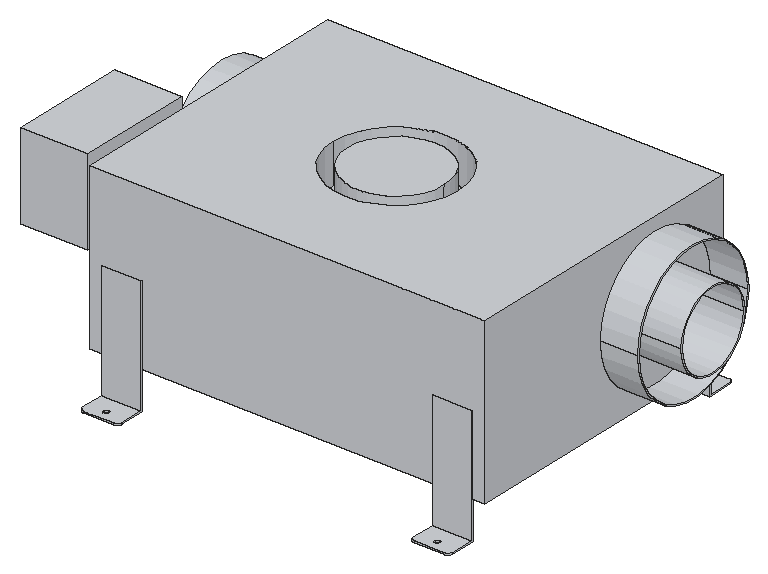
Revit family "PVHIN47-200", category Generic Models, host Face, Revit 2019
Family settings
  Host = Face
  Can host rebar = No
  Round Connector Dimension = Use Diameter
  Part Type = Normal
  Cut with Voids When Loaded = No
  Shared = No
  Room Calculation Point = No
Parameters
  Default Elevation = 48.00"
Reference planes (in)
  plane 1 "Center (Front/Back)": y = 0
  plane 2: z = 0
  plane 3 "Center (Left/Right)": x = 0
Forms (in)
  Extrusion 1, solid
    sketch origin (0, 0, 0) x (1, 0, 0) y (0, 1, 0)
      loop
        line (-14, -0.954) -> (-14, -6.921) -> (-10.589, -6.921) -> (-10.589, -0.954) -> (-14, -0.954)
    from 5.97 to 10.31
  Extrusion 2, solid
    sketch origin (3.411, 0, 0) x (1, 0, 0) y (0, 1, 0)
      loop
        line (-13.411, 7.536) -> (-13.411, -7.536) -> (6.589, -7.536) -> (6.589, 7.536) -> (-13.411, 7.536)
    from 1.96 to 10.26
  Extrusion 3, solid
    sketch origin (0, 0, 0) x (1, 0, 0) y (0, 1, 0)
      loop
        line (-9.1247, -9) -> (-7.6247, -9)
        arc (-7.6247, -9) -> (-7.44807, -8.92663) -> (-7.375, -8.74988) r 0.25
        line (-7.375, -8.74988) -> (-7.375, -7.5) -> (-9.375, -7.5) -> (-9.375, -8.75027)
        arc (-9.375, -8.75027) -> (-9.30158, -8.92698) -> (-9.1247, -9) r 0.25
      loop
        circle (-8.375, -8.5) r 0.133
      loop
        arc (9.1247, -9) -> (9.30158, -8.92698) -> (9.375, -8.75027) r 0.25
        line (9.375, -8.75027) -> (9.375, -7.5) -> (7.375, -7.5) -> (7.375, -8.74988)
        arc (7.375, -8.74988) -> (7.44807, -8.92663) -> (7.6247, -9) r 0.25
        line (7.6247, -9) -> (9.1247, -9)
      loop
        circle (8.375, -8.5) r 0.133
      loop
        arc (-9.1247, 9) -> (-9.30158, 8.92698) -> (-9.375, 8.75027) r 0.25
        line (-9.375, 8.75027) -> (-9.375, 7.5) -> (-7.375, 7.5) -> (-7.375, 8.74988)
        arc (-7.375, 8.74988) -> (-7.44807, 8.92663) -> (-7.6247, 9) r 0.25
        line (-7.6247, 9) -> (-9.1247, 9)
      loop
        circle (-8.375, 8.5) r 0.133
      loop
        line (9.1247, 9) -> (7.6247, 9)
        arc (7.6247, 9) -> (7.44807, 8.92663) -> (7.375, 8.74988) r 0.25
        line (7.375, 8.74988) -> (7.375, 7.5) -> (9.375, 7.5) -> (9.375, 8.75027)
        arc (9.375, 8.75027) -> (9.30158, 8.92698) -> (9.1247, 9) r 0.25
      loop
        circle (8.375, 8.5) r 0.133
    from 0 to 0.06
  Extrusion 4, solid
    sketch origin (0, 0, 0) x (1, 0, 0) y (0, 1, 0)
      loop
        line (-7.375, -7.56) -> (-7.375, -7.5) -> (-9.375, -7.5) -> (-9.375, -7.56) -> (-7.375, -7.56)
      loop
        line (7.375, -7.56) -> (9.375, -7.56) -> (9.375, -7.5) -> (7.375, -7.5) -> (7.375, -7.56)
      loop
        line (-7.375, 7.56) -> (-9.375, 7.56) -> (-9.375, 7.5) -> (-7.375, 7.5) -> (-7.375, 7.56)
      loop
        line (7.375, 7.56) -> (7.375, 7.5) -> (9.375, 7.5) -> (9.375, 7.56) -> (7.375, 7.56)
    from 0 to 5.96
  Extrusion 5, void
    sketch origin (3.411, 0, 10.26) x (0, 1, 0) y (1, 0, 0)
      loop
        circle (0, -3.911) r 3.1875
      loop
        circle (0, -3.911) r 2.43335
    from 0 to 2
  Extrusion 6, solid
    sketch origin (0, 0, 0) x (0, 1, 0) y (0, 0, 1)
      loop
        circle (3.25, 6.1305) r 3.5
      loop
        circle (3.25, 6.1305) r 3.46
    from 10 to 11.928
  Extrusion 7, solid
    sketch origin (0, 0, 0) x (0, 1, 0) y (0, 0, 1)
      loop
        circle (3.25, 6.1305) r 2
      loop
        circle (3.25, 6.1305) r 1.96
    from 10 to 12.931
  Extrusion 8, solid
    sketch origin (0, 0, 0) x (0, 1, 0) y (0, 0, -1)
      loop
        circle (3.25, -6.1305) r 3.5
      loop
        circle (3.25, -6.1305) r 3.46
    from 10 to 11.928
  Extrusion 9, solid
    sketch origin (0, 0, 0) x (0, 1, 0) y (0, 0, -1)
      loop
        circle (3.25, -6.1305) r 2
      loop
        circle (3.25, -6.1305) r 1.96
    from 10 to 12.931
Cuts and joins
  joined: Extrusion 3, Extrusion 4
  Extrusion 5 cuts Extrusion 2
Lines and regions (in)
  symbolic lines
    curve 1: line (95.99374, 156.28449, 0) -> (97.99374, 156.28449, 0)
Dimensions and locks (in)
  Extrusion 2 to Extrusion 2 = 15.072"
  aligned and locked: plane 2 to host face
  aligned and locked: level to host face
Connectors (in)
  hvac at (-12.931, 3.25, 6.1305)
    settings: on Extrusion 9, index 1, duct flow 0 CFM, flow factor 0, pres drop 0.00 in-wg, loss coef 0, conn angle 0.00°, conn width 12", conn height 12", conn diameter 7", duct sys type 1, conn prof type 0, flow config 0, flow direction 0, loss method 0, conn ref index -1, conn util no, is conn primary yes, conn desc ""
  hvac at (-11.928, 3.25, 6.1305)
    settings: on Extrusion 8, index 2, duct flow 0 CFM, flow factor 0, pres drop 0.00 in-wg, loss coef 0, conn angle 0.00°, conn width 12", conn height 12", conn diameter 4", duct sys type 1, conn prof type 0, flow config 0, flow direction 0, loss method 0, conn ref index -1, conn util no, is conn primary no, conn desc ""
  hvac at (12.931, 3.25, 6.1305)
    settings: on Extrusion 7, index 3, duct flow 0 CFM, flow factor 0, pres drop 0.00 in-wg, loss coef 0, conn angle 0.00°, conn width 12", conn height 12", conn diameter 4", duct sys type 1, conn prof type 0, flow config 0, flow direction 0, loss method 0, conn ref index -1, conn util no, is conn primary no, conn desc ""
  hvac at (11.928, 3.25, 6.1305)
    settings: on Extrusion 6, index 4, duct flow 0 CFM, flow factor 0, pres drop 0.00 in-wg, loss coef 0, conn angle 0.00°, conn width 12", conn height 12", conn diameter 7", duct sys type 1, conn prof type 0, flow config 0, flow direction 0, loss method 0, conn ref index -1, conn util no, is conn primary no, conn desc ""
